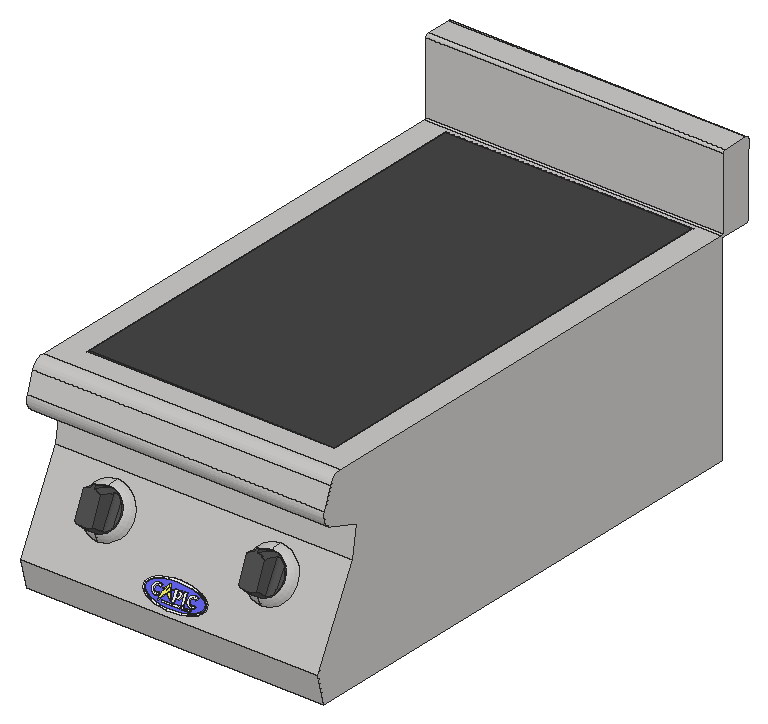
Revit family "QF_CAPIC_AVEN_W541711", category Equipement spécialisé, Revit 2018
Family settings
  Cote de connecteur circulaire = Utiliser le diamètre
  Type d'élément = Normal
  Numéro OmniClass = 23.40.40.14
  Titre OmniClass = Food Service Equipment
  Basée sur le plan de construction = Non
  Toujours verticalement = Oui
  Couper avec des vides une fois chargée = Non
  Partagée = Non
  Point de calcul de pièce = Non
Parameters (values of type "400 x 725 x 270 mm")
  URL catalogue = "http://www.capic-fr.com/fr/"
  Type de Raccord Plomberie [instance] = ""
  Type de Raccord Electrique [instance] = "Bornier interne"
  Type de Gaz = ""
  Type article [instance] = ""
  Tension = 230 V
  Spécification du Fabricant = ""
  Show Logo = yes
  Remarques evacuation [instance] = ""
  Remarques Plomberie [instance] = ""
  Remarques Electricité [instance] = "230Vx1 +T"
  Puissance électrique  = 6000 W
  Puissance Gaz kW = 0
  Profondeur hors tout = 725 mm
  Pression Maximum Eau Adoucie = 0.0 Pa
  Poids net à vide = 30.00 kg
  Phase = 0
  Modèle = "W541711"
  Longueur hors tout = 400 mm
  Intensité nominale = 0 A
  Hauteur hors tout = 390 mm
  Hauteur de Raccordement du Sol Finis = 0 mm
  Hauteur de Raccordement Gaz du Sol Finis = 0 mm
  Hauteur de Raccordement Evacuation Directe du Sol Finis = 0 mm
  Hauteur de Raccordement Eau Froide du Sol Finis = 0 mm
  Hauteur de Raccordement Eau Chaude du Sol Finis = 0 mm
  Hauteur de Raccordement Eau Adoucie du Sol Finis = 0 mm
  Fréquence = 50 Hz
  Fabricant = "CAPIC"
  Débit d'air d'extraction = 0.0 m³/h
  Débit Gaz = 0.0 L/s
  Débit Eau Froide = 0.0 L/s
  Débit Eau Chaude = 0.0 L/s
  Débit Eau Adoucie = 0.0 L/s
  Diamètre de Raccordement Gaz = 0 mm
  Diamètre de Raccordement Evacuation = 0 mm
  Diamètre de Raccordement Eau Froide = 0 mm
  Diamètre de Raccordement Eau Chaude = 0 mm
  Diamètre de Raccordement Eau Adoucie = 0 mm
  Description = "2 Foyers inductions"
  Assembly Code = ""
  Classification  Omniclass nombre et titre = "23.40.40.14"
Reference planes
  plane 1 "Centre (avant/arrière)": y = 0
  plane 2: z = 0
  plane 3 "Centre (gauche/droite)": x = 0
  plane 4: x = 400
Forms (mm)
  Extrusion 1, solid, material "QF_Stainless Steel-Brushed"
    sketch origin (0, -45.05, 638) x (0, 1, 0) y (0, 0, 1)
      loop
        line (1.05, 270.397) -> (-641.347, 270.397)
        arc (-641.347, 270.397) -> (-651.671, 267.142) -> (-658.261, 258.553) r 18
        line (-658.261, 258.553) -> (-667.837, 232.245)
        arc (-667.837, 232.245) -> (-667.236, 218.482) -> (-657.078, 209.174) r 18
        line (-657.078, 209.174) -> (-613.251, 193.222) -> (-619.754, 152.161) -> (-680.074, 38.717) -> (-668.972, 0) -> (0, 0) -> (0, 268.397) -> (42.05, 268.397) -> (44.05, 270.397) -> (44.05, 356.397) -> (45.05, 356.397) -> (45.05, 368.397)
        arc (45.05, 368.397) -> (43.878, 371.225) -> (41.05, 372.397) r 4
        line (41.05, 372.397) -> (7.05, 372.397)
        arc (7.05, 372.397) -> (4.222, 371.225) -> (3.05, 368.397) r 4
        line (3.05, 368.397) -> (3.05, 272.397)
        arc (3.05, 272.397) -> (2.464, 270.983) -> (1.05, 270.397) r 2
    from 0 to 400
  Extrusion 2, void
    sketch origin (0, -44, 908.397) x (1, 0, 0) y (0, -1, 0)
      loop
        line (33, 6) -> (367, 6) -> (367, 610) -> (33, 610) -> (33, 6)
    from 0 to 20
  Extrusion 3, solid, material "QF_Metal Sheet-Black"
    sketch origin (0, -44, 908.397) x (0, -1, 0) y (1, 0, 0)
      loop
        line (8, 365) -> (8, 35) -> (608, 35) -> (608, 365) -> (8, 365)
    from 0 to -6
Cuts and joins
  Extrusion 2 cuts Extrusion 1
Dimensions and locks
  "Longueur hors tout": plane 3 "Centre (gauche/droite)" to plane 4
  aligned and locked: level to plane 2
  aligned and locked: plane 4 to Extrusion 1
  aligned and locked: Extrusion 1 to plane 3 "Centre (gauche/droite)"
Automatic sketch dimensions
  level to Extrusion 1 sketch curve = 638 mm
  plane 1 "Centre (avant/arrière)" to Extrusion 1 sketch curve = 45.05 mm
  level to Extrusion 1 sketch curve = 831.222 mm
  plane 1 "Centre (avant/arrière)" to Extrusion 1 sketch curve = 658.301 mm
  level to Extrusion 1 sketch curve = 790.161 mm
  Extrusion 1 sketch curve to Extrusion 1 sketch curve = 6.503 mm
  Extrusion 1 sketch curve to Extrusion 1 sketch curve = 28.096 mm
  Extrusion 1 sketch curve to Extrusion 1 sketch curve = 9.575 mm
  level to Extrusion 1 sketch curve = 847.174 mm
  Extrusion 1 sketch curve to Extrusion 1 sketch curve = 6.156 mm  (x2)
  level to Extrusion 1 sketch curve = 896.553 mm
  Extrusion 1 sketch curve to Extrusion 1 sketch curve = 16.914 mm  (x2)
  level to Extrusion 1 sketch curve = 870.245 mm
  Extrusion 1 sketch curve to Extrusion 1 sketch curve = 49.218 mm
  level to Extrusion 1 sketch curve = 676.717 mm
  Extrusion 1 sketch curve to Extrusion 1 sketch curve = 11.102 mm
  plane 1 "Centre (avant/arrière)" to Extrusion 1 sketch curve = 44 mm
  plane 1 "Centre (avant/arrière)" to Extrusion 1 sketch curve = 42 mm
  Extrusion 1 sketch curve to Extrusion 1 sketch curve = 4 mm  (x2)
  Extrusion 1 sketch curve to Extrusion 1 sketch curve = 34 mm
  Extrusion 1 sketch curve to Extrusion 1 sketch curve = 39 mm
  Extrusion 1 sketch curve to Extrusion 1 sketch curve = 3 mm
  Extrusion 1 sketch curve to Extrusion 1 sketch curve = 1 mm
  Extrusion 1 sketch curve to Extrusion 1 sketch curve = 2 mm
  Extrusion 1 sketch curve to Extrusion 1 sketch curve = 86 mm
  Extrusion 1 sketch curve to Extrusion 1 sketch curve = 12 mm
  Extrusion 1 to Extrusion 2 sketch curve = 6 mm
  Extrusion 1 to Extrusion 2 sketch curve = 33 mm  (x2)
  Extrusion 1 to Extrusion 2 sketch curve = 32.397 mm
  Extrusion 1 to Extrusion 3 sketch curve = 8 mm
  Extrusion 1 to Extrusion 3 sketch curve = 34.397 mm
  Extrusion 1 to Extrusion 3 sketch curve = 35 mm  (x2)
Nested families
  nested 1: "QF_Details_LogoCapic" at (200, -713.73, 698.145) x (1, 0, 0) z (0, -0.8829, 0.4695), visible <- "Show Logo", type "QF_Details_LogoCapic"
  nested 2: "QF_Details_BoutonCde_face" at (90, -685.811, 750.653) x (1, 0, 0) z (0, -0.8829, 0.4695), type "QF_Details_BoutonCde_face"
  nested 3: "QF_Details_BoutonCde_face" at (310, -685.811, 750.653) x (1, 0, 0) z (0, -0.8829, 0.4695), type "QF_Details_BoutonCde_face"
Definition of nested family "QF_Details_LogoCapic"
  Parameters (values of type "QF_Details_LogoCapic")
    Default Elevation = 1219.2 mm
  Reference planes
    plane 1 "Centre (avant/arrière)": y = 0
    plane 2: z = 0
    plane 3 "Centre (gauche/droite)": x = 0
  Forms (mm)
    Extrusion 1, solid
      sketch origin (0, 0, 0) x (1, 0, 0) y (0, 1, 0)
        loop
          line (-1219.2, 1219.2) -> (-1219.2, -1219.2) -> (1219.2, -1219.2) -> (1219.2, 1219.2) -> (-1219.2, 1219.2)
      from 0 to -304.8
    Extrusion 2, solid
      sketch origin (0, 0, 0) x (1, 0, 0) y (0, 1, 0)
        loop
          spline (42.486, 0) -> (41.038, 4.53) -> (36.793, 8.751) -> (30.041, 12.376) -> (21.24, 15.157) -> (10.992, 16.906) -> (-0.005, 17.502) -> (-11.003, 16.906) -> (-21.251, 15.157) -> (-30.051, 12.376) -> (-36.804, 8.751) -> (-41.048, 4.53) -> (-42.496, 0)
          spline (-42.496, 0) -> (-41.048, -4.53) -> (-36.804, -8.751) -> (-30.051, -12.376) -> (-21.251, -15.157) -> (-11.003, -16.906) -> (-0.005, -17.502) -> (10.992, -16.906) -> (21.24, -15.157) -> (30.041, -12.376) -> (36.793, -8.751) -> (41.038, -4.53) -> (42.486, 0)
        loop
          spline (40.459, 0) -> (39.08, 4.005) -> (35.038, 7.737) -> (28.607, 10.942) -> (20.227, 13.401) -> (10.468, 14.947) -> (-0.005, 15.474) -> (-10.478, 14.947) -> (-20.237, 13.401) -> (-28.618, 10.942) -> (-35.048, 7.737) -> (-39.091, 4.005) -> (-40.47, 0)
          spline (-40.47, 0) -> (-39.091, -4.005) -> (-35.048, -7.737) -> (-28.618, -10.942) -> (-20.237, -13.401) -> (-10.478, -14.947) -> (-0.005, -15.474) -> (10.468, -14.947) -> (20.227, -13.401) -> (28.607, -10.942) -> (35.038, -7.737) -> (39.08, -4.005) -> (40.459, 0)
      from 0 to 1
    Extrusion 3, solid
      sketch origin (0, 0, 0) x (1, 0, 0) y (0, 1, 0)
        loop
          spline (-40.47, 0) -> (-39.085, -4.012) -> (-35.047, -7.734) -> (-28.617, -10.941) -> (-20.237, -13.401) -> (-10.478, -14.946) -> (-0.005, -15.474) -> (10.468, -14.947) -> (20.227, -13.401) -> (28.606, -10.942) -> (35.038, -7.737) -> (39.081, -4.004) -> (40.459, 0)
          spline (40.459, 0) -> (39.075, 4.012) -> (35.037, 7.734) -> (28.607, 10.941) -> (20.227, 13.401) -> (10.467, 14.946) -> (-0.005, 15.474) -> (-10.478, 14.947) -> (-20.237, 13.401) -> (-28.617, 10.942) -> (-35.048, 7.737) -> (-39.091, 4.004) -> (-40.47, 0)
      from 0 to 1
    Extrusion 4, solid
      sketch origin (0, 0, 0.5) x (1, 0, 0) y (0, 1, 0)
        loop
          line (-20.944, 3.897) -> (-18.992, 5.849)
          arc (-18.992, 5.849) -> (-30.967, 0.712) -> (-18.902, -4.211) r 7.063
          line (-18.902, -4.211) -> (-20.854, -2.259)
          arc (-20.854, -2.259) -> (-28.207, 0.712) -> (-20.944, 3.897) r 4.303
      from 0 to 1
    Extrusion 5, solid
      sketch origin (0, 0, 0.5) x (1, 0, 0) y (0, 1, 0)
        loop
          line (-1.061, 7.837) -> (-1.061, -6.288) -> (1.738, -6.288) -> (1.738, -2.065) -> (4.782, -2.065)
          spline (4.782, -2.065) -> (5.836, -1.896) -> (6.819, -1.402) -> (7.663, -0.615) -> (8.311, 0.411) -> (8.718, 1.605) -> (8.856, 2.886) -> (8.718, 4.168) -> (8.311, 5.362) -> (7.663, 6.387) -> (6.819, 7.174) -> (5.836, 7.669) -> (4.782, 7.837)
          line (4.782, 7.837) -> (-1.061, 7.837)
        loop
          line (1.738, 5.077) -> (1.738, 0.775) -> (4.418, 0.775)
          spline (4.418, 0.775) -> (4.819, 0.848) -> (5.193, 1.063) -> (5.514, 1.405) -> (5.761, 1.85) -> (5.916, 2.369) -> (5.969, 2.926) -> (5.916, 3.483) -> (5.761, 4.002) -> (5.514, 4.447) -> (5.193, 4.789) -> (4.819, 5.004) -> (4.418, 5.077)
          line (4.418, 5.077) -> (1.738, 5.077)
      from 0 to 1
    Extrusion 6, solid
      sketch origin (0, 0, 0.5) x (1, 0, 0) y (0, 1, 0)
        loop
          line (11.122, 7.837) -> (11.122, -6.288) -> (14.009, -6.288) -> (14.009, 7.837) -> (11.122, 7.837)
      from 0 to 1
    Extrusion 7, solid
      sketch origin (47.835, 0, 0.5) x (1, 0, 0) y (0, 1, 0)
        loop
          line (-20.944, 3.897) -> (-18.992, 5.849)
          arc (-18.992, 5.849) -> (-30.967, 0.712) -> (-18.902, -4.211) r 7.063
          line (-18.902, -4.211) -> (-20.854, -2.259)
          arc (-20.854, -2.259) -> (-28.207, 0.712) -> (-20.944, 3.897) r 4.303
      from 0 to 1
    Extrusion 8, solid
      sketch origin (0, 0, 0.5) x (1, 0, 0) y (0, 1, 0)
        loop
          line (-14.086, -8.467) -> (-14.086, -10.703) -> (-0.382, -10.703) -> (-0.382, -8.467) -> (-14.086, -8.467)
        loop
          line (1.692, -7.694) -> (1.692, -10.703) -> (10.598, -10.703) -> (10.598, -7.694) -> (1.692, -7.694)
        loop
          circle (14.095, -9.117) r 1.311
        loop
          circle (18.365, -9.117) r 1.311
        loop
          circle (22.635, -9.117) r 1.311
      from 0 to 1
    Extrusion 9, solid
      sketch origin (0, 0, 0.5) x (1, 0, 0) y (0, 1, 0)
        loop
          arc (-10.078, 10.027) -> (-16.152, 0.742) -> (-18.987, -9.985) r 34.734
          arc (-18.987, -9.985) -> (-13.545, -2.96) -> (-7.054, 3.109) r 55.667
          line (-7.054, 3.109) -> (-10.078, 10.027)
        loop
          line (-10.891, 5.813) -> (-12.476, 3.068) -> (-9.306, 3.068) -> (-10.891, 5.813)
      from 0 to 1
    Extrusion 10, solid
      sketch origin (0, 0, 0.5) x (1, 0, 0) y (0, 1, 0)
        loop
          line (-17.978, 3.413) -> (-16.228, 2.092) -> (-14.209, 5.589) -> (-17.978, 3.413)
        loop
          line (-7.246, 5.196) -> (-6.474, 3.433) -> (-3.608, 5.838) -> (-7.246, 5.196)
        loop
          line (-10.905, -1.415) -> (-2.534, -6.652) -> (-6.862, 2.629) -> (-10.905, -1.415)
      from 0 to 1
  Dimensions and locks
    aligned and locked: plane 2 to Extrusion 1
    aligned and locked: level to Extrusion 1
Definition of nested family "QF_Details_BoutonCde_face"
  Parameters (values of type "QF_Details_BoutonCde_face")
    Default Elevation = 1219.2 mm
  Reference planes
    plane 1 "Centre (avant/arrière)": y = 0
    plane 2: z = 0
    plane 3 "Centre (gauche/droite)": x = 0
  Forms (mm)
    Extrusion 1, solid
      sketch origin (0, 0, 0) x (1, 0, 0) y (0, 1, 0)
        loop
          line (-1219.2, 1219.2) -> (-1219.2, -1219.2) -> (1219.2, -1219.2) -> (1219.2, 1219.2) -> (-1219.2, 1219.2)
      from 0 to -304.8
    Revolve 2, solid
      sketch origin (0, -424.122, 22.212) x (0, 0, -1) y (0, 1, 0)
        loop
          arc (5.871, 449.971) -> (-8.423, 448.326) -> (-22.417, 444.983) r 120.076
          line (-22.417, 444.983) -> (-22.417, 424.125) -> (5.871, 424.125) -> (5.871, 449.971)
        axis (5.871, 424.125) -> (-22.417, 424.125)
      angle from 0 to 360
    Extrusion 3, void
      sketch origin (0, -424.122, 22.212) x (1, 0, 0) y (0, 0, -1)
        loop
          line (-20.046, 5.019) -> (-26.533, 5.019) -> (-26.533, -26.12) -> (-11.799, -26.12) -> (-12.009, -22.113) -> (-13.084, -1.588)
          arc (-13.084, -1.588) -> (-15.247, 3.104) -> (-20.046, 5.019) r 6.971
      from 398.385 to 449.971
    Extrusion 4, void
      sketch origin (0, -424.122, 22.212) x (-1, 0, 0) y (0, 0, 1)
        loop
          arc (-20.046, -5.019) -> (-15.247, -3.104) -> (-13.084, 1.588) r 6.971
          line (-13.084, 1.588) -> (-12.009, 22.113) -> (-11.799, 26.12) -> (-26.533, 26.12) -> (-26.533, -5.019) -> (-20.046, -5.019)
      from 398.385 to 449.971
    Extrusion 5, solid
      sketch origin (0, -424.122, 22.212) x (1, 0, 0) y (0, 1, 0)
        loop
          line (-1.769, 450.075) -> (-1.769, 444.575) -> (1.769, 444.575) -> (1.769, 450.075) -> (-1.769, 450.075)
      from -5.871 to 22.417
    Revolve 6, solid
      sketch origin (0, -424.122, 22.212) x (0, 0, -1) y (0, 1, 0)
        loop
          arc (17.212, 458.76) -> (10.984, 455.085) -> (5.871, 449.971) r 28.739
          line (5.871, 449.971) -> (5.871, 424.122) -> (17.212, 424.122) -> (17.212, 458.76)
        axis (17.212, 424.122) -> (5.871, 424.122)
      angle from 0 to 360
    Extrusion 7, void
      sketch origin (0, -597.063, -962.31) x (0, 0.156434, -0.987688) y (0, 0.987688, 0.156434)
        loop
          line (-897.081, 772.866) -> (-914.868, 772.866) -> (-914.868, 714.91) -> (-901.134, 714.91) -> (-897.081, 772.866)
      from -22.625 to 23.018
  Cuts and joins
    Extrusion 3, Extrusion 4, Extrusion 7 cuts Revolve 2
    Extrusion 7 cuts Extrusion 5
    joined: Revolve 2, Extrusion 5
  Dimensions and locks
    aligned and locked: plane 2 to Extrusion 1
    aligned and locked: level to Extrusion 1
